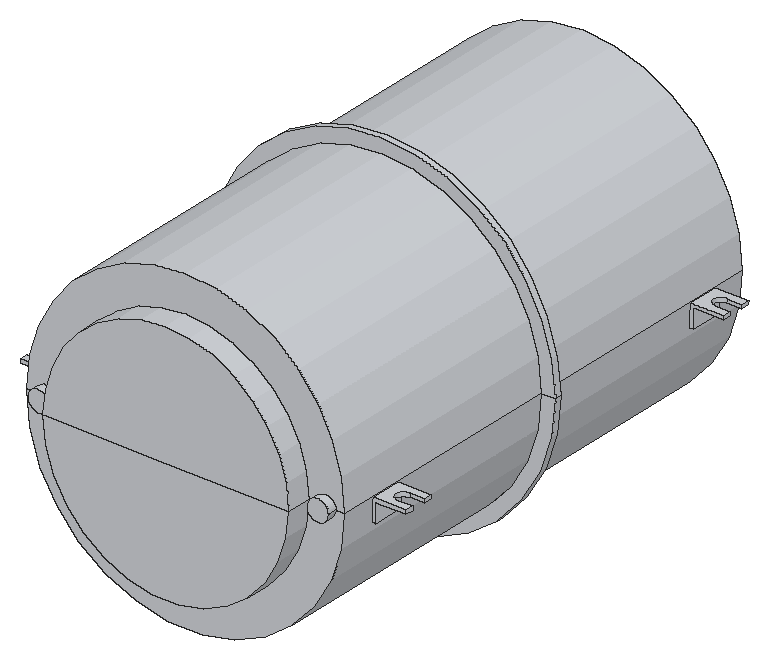
Revit family "FY-25UFS1", category Mechanical Equipment, Revit 2024
Family settings
  Round Connector Dimension = Use Diameter
  Part Type = Normal
  OmniClass Number = 23.75.00.00
  OmniClass Title = Climate Control (HVAC)
  Work Plane-Based = No
  Always vertical = Yes
  Cut with Voids When Loaded = No
  Maintain Annotation Orientation = No
  Shared = No
  Room Calculation Point = No
Parameters
  Default Elevation = 0 mm
Reference planes
  plane 1 "Center (Front/Back)": y = 0
  plane 2: z = 0
  plane 3 "Center (Left/Right)": x = 0
  plane 4 "1": y = 220
  plane 5 "2": y = -220
Forms (mm)
  Revolve 1, solid
    sketch origin (0, 0, 0) x (1, 0, 0) y (0, 1, 0)
      loop
        line (0, 220) -> (0, -220) -> (99, -220) -> (99, -200) -> (128.5, -200) -> (128.5, -2.5) -> (140, -2.5) -> (140, 2.5) -> (128.5, 2.5) -> (128.5, 200) -> (99, 200) -> (99, 220) -> (0, 220)
      axis (0, 220) -> (0, -220)
    angle from 0 to 360
  Extrusion 2, solid
    sketch origin (-2.5, 0, 0) x (1, 0, 0) y (0, 0, 1)
      loop
        circle (-110, 0) r 8.5
    from 200 to 207.5
  Extrusion 3, solid
    sketch origin (2.5, 0, 0) x (-1, 0, 0) y (0, 0, -1)
      loop
        circle (-110, 0) r 8.5
    from 200 to 207.5
  Extrusion 4, solid
    sketch origin (-2.5, 0, 0) x (1, 0, 0) y (0, 0, -1)
      loop
        circle (-110, 0) r 8.5
    from 200 to 207.5
  Extrusion 5, solid
    sketch origin (2.5, 0, 0) x (-1, 0, 0) y (0, 0, 1)
      loop
        circle (-110, 0) r 8.5
    from 200 to 207.5
  Extrusion 6, solid
    sketch origin (0, 0, 0) x (1, 0, 0) y (0, 0, 1)
      loop
        line (-131.5, -3) -> (-131.5, -18) -> (-128.5, -18) -> (-128.5, 0) -> (-155.5, 0) -> (-155.5, -3) -> (-131.5, -3)
    from 147.5 to 172.5
  Extrusion 7, solid
    sketch origin (0, 0, 0) x (-1, 0, 0) y (0, 0, -1)
      loop
        line (-131.5, 3) -> (-155.5, 3) -> (-155.5, 0) -> (-128.5, 0) -> (-128.5, 18) -> (-131.5, 18) -> (-131.5, 3)
    from 147.5 to 172.5
  Extrusion 8, solid
    sketch origin (0, 0, 0) x (1, 0, 0) y (0, 0, -1)
      loop
        line (-131.5, 3) -> (-155.5, 3) -> (-155.5, 0) -> (-128.5, 0) -> (-128.5, 18) -> (-131.5, 18) -> (-131.5, 3)
    from 147.5 to 172.5
  Extrusion 9, solid
    sketch origin (0, 0, 0) x (-1, 0, 0) y (0, 0, 1)
      loop
        line (-131.5, -3) -> (-131.5, -18) -> (-128.5, -18) -> (-128.5, 0) -> (-155.5, 0) -> (-155.5, -3) -> (-131.5, -3)
    from 147.5 to 172.5
  Extrusion 10, void
    sketch origin (0, 0, 0) x (1, 0, 0) y (0, 1, 0)
      loop
        line (-155.5, 166) -> (-155.5, 154) -> (-143.5, 154)
        arc (-143.5, 154) -> (-137.5, 160) -> (-143.5, 166) r 6
        line (-143.5, 166) -> (-155.5, 166)
    from 0 to -3
  Extrusion 11, void
    sketch origin (0, 0, 0) x (-1, 0, 0) y (0, -1, 0)
      loop
        line (-155.5, -166) -> (-143.5, -166)
        arc (-143.5, -166) -> (-137.5, -160) -> (-143.5, -154) r 6
        line (-143.5, -154) -> (-155.5, -154) -> (-155.5, -166)
    from 0 to -3
  Extrusion 12, void
    sketch origin (0, 0, 0) x (1, 0, 0) y (0, 1, 0)
      loop
        line (-155.5, -166) -> (-143.5, -166)
        arc (-143.5, -166) -> (-137.5, -160) -> (-143.5, -154) r 6
        line (-143.5, -154) -> (-155.5, -154) -> (-155.5, -166)
    from 0 to -3
  Extrusion 13, void
    sketch origin (0, 0, 0) x (-1, 0, 0) y (0, -1, 0)
      loop
        line (-155.5, 166) -> (-155.5, 154) -> (-143.5, 154)
        arc (-143.5, 154) -> (-137.5, 160) -> (-143.5, 166) r 6
        line (-143.5, 166) -> (-155.5, 166)
    from 0 to -3
Cuts and joins
  Extrusion 10, Extrusion 11, Extrusion 12 cuts Extrusion 8
  Extrusion 11, Extrusion 13 cuts Extrusion 9
  Extrusion 13 cuts Extrusion 7
  Extrusion 12 cuts Extrusion 6
Dimensions and locks
  aligned and locked: level to plane 2
Connectors
  hvac at (0, 220, 0)
    settings: index 1, duct flow 0.0 L/s, flow factor 0, pres drop 0.0 Pa, loss coef 0, conn angle 0.00°, conn width 304.8 mm, conn height 304.8 mm, conn diameter 200 mm, duct sys type 3, conn prof type 0, flow config 0, flow direction 0, loss method 0, conn ref index -1, conn util no, is conn primary yes, conn desc ""
  hvac at (0, -220, 0)
    settings: index 2, duct flow 0.0 L/s, flow factor 0, pres drop 0.0 Pa, loss coef 0, conn angle 0.00°, conn width 304.8 mm, conn height 304.8 mm, conn diameter 200 mm, duct sys type 3, conn prof type 0, flow config 0, flow direction 0, loss method 0, conn ref index -1, conn util no, is conn primary no, conn desc ""
